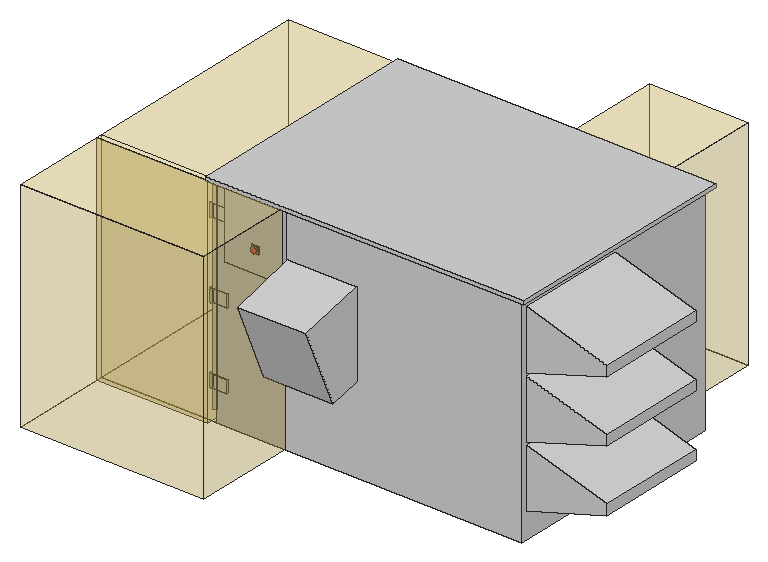
Revit family "Ventilator-RenewAire-Energy-Recovery-HE8XRTR", category Mechanical Equipment, Revit 2015
Parameters (values of type "7.5 HP 575V Three Phase")
  Voltage = "575"
  Ventilation Type = "Static Plate, Heat and Humidity Transfer"
  Unit Width = "140-1/2\""
  Unit Weight = "2,232 - 2,914 lbs."
  Unit Length = "106-1/2\""
  Unit Height = "81-3/4\""
  Unit = Metal - RenewAire - Anodized - Gray Text
  URL = "www.renewaire.com"
  Typical Airflow Range = "2,000-7,950 CFM"
  Standard Features = "TEFC Premium efficiency motors, Motor starters, Non-fused disconnect, 24 VAC transformer/relay package"
  Shipping Weight = "3,254 lbs."
  Service Area Visibility = yes
  Service Area Box = Interference - RenewAire - Smooth - Light - Gold
  Revit Object Download Link = ""
  Phase = "Three"
  Options = "Integrated programmable controls, Fused disconnect, Double wall construction, Factory supplied and mounted variable frequency drives (VFDs) - one or both airstreams, Class 1 low-leakage motorized isolation dampers - OA, EA or both airstreams, Qty. 2 Factory mounted filter alarms, Exterior Paint - white, custom colors"
  Number Motors = "Qty. 2, Belt drive blower/ standard motor packages with adjustable sheaves"
  Model = "HE8XRTR"
  Minimum Circuit Amps = "17.1 A"
  Maximum Overcurrent Protection = "20 A"
  Max. Shipping Width = "90\""
  Max. Shipping Length = "116\""
  Max. Shipping Height = "90\""
  Manufacturer = "RenewAire LLC"
  Frequency = "60 HZ"
  FLA per Motor = "7.6"
  Description = "Energy Recovery Ventilator"
  Connector Base Material = Glass - With - Transparency
  Accessories = "Filters - MERV 13, 2\" (shipped loose), Roof curb - standard 14\", Curb wind clip, Engineered combo curb for Carrier RTU, Engineered combo curb for Trane RTU, Digital time clock - wall mount(TC7D-W), in exterior enclosure (TC7D-E), Motion occupancy control - ceiling mount(MC-C), wall mount(MC-W), Carbon Dioxide control - wall mount (CO2-W), duct mount(CO2-D), Electric duct heater – EK series (1-60 kW), EH series (61-175 kW); designed for indoor ductwork installation only, Indirect gas-fired duct furnace - GH series (50-400 MBH), installed downstream of any fans"
  AHRI 1060 Certified Core = "Eight L125-G5"
Types (10): name | Voltage | Minimum Circuit Amps | Maximum Overcurrent Protection | FLA per Motor
  (no name) | "575" | "17.1 A" | "20 A" | "7.6"
  5.0 HP 208-230V Three Phase | "208-230" | "32.6 A" | "45 A" | "14.5-13.4"
  5.0 HP 460V Three Phase | "460" | "15.1 A" | "20 A" | "6.7"
  5.0 HP 575V Three Phase | "575" | "11.9 A" | "15 A" | "5.3"
  7.5 HP 208-230V Three Phase | "208-230" | "47.3 A" | "60 A" | "21.0-19.0"
  7.5 HP 460V Three Phase | "460" | "21.4 A" | "25 A" | "9.5"
  7.5 HP 575V Three Phase | "575" | "17.1 A" | "20 A" | "7.6"
  10.0 HP 208-230V Three Phase | "208-230" | "60.8" | "80" | "27.0-25.0"
  10.0 HP 460V Three Phase | "460" | "28.1" | "35" | "12.5"
  10.0 HP 575V Three Phase | "575" | "22.0" | "30" | "9.76"
Reference planes (in)
  plane 1 "Center (Front/Back)": y = 0
  plane 2: z = 0
  plane 3 "Center (Left/Right)": x = 0
  plane 4: y = 41.875
  plane 5: y = -41.875
  plane 6: x = 56.3125
  plane 7: x = -57.1875
  plane 8: z = 82
  plane 9: x = -4.5625
  plane 10: x = -28.8125
Forms (in)
  Extrusion 1, solid, material "Metal - RenewAire - Anodized - Gray Text" <- "Unit"
    sketch origin (0, 0, 0) x (1, 0, 0) y (0, 1, 0)
      loop
        line (-54, 40.5) -> (-54, -40.5) -> (54, -40.5) -> (54, 40.5) -> (-54, 40.5)
    from 0 to 77
  Extrusion 2, solid, material "Metal - RenewAire - Anodized - Gray Text"
    sketch origin (0, 0, 0) x (1, 0, 0) y (0, 1, 0)
      loop
        line (-56.3125, 42.5) -> (-56.3125, -42.5) -> (56.3125, -42.5) -> (56.3125, 42.5) -> (-56.3125, 42.5)
    from 77 to 78.25
  Extrusion 3, solid, material "Metal - RenewAire - Anodized - Gray Text"
    sketch origin (0, 0, 0) x (1, 0, 0) y (0, 1, 0)
      loop
        line (-54, -40.5) -> (-54, -1.25) -> (-55.5625, -1.25) -> (-55.5625, -40.5) -> (-54, -40.5)
    from 4 to 76
  Extrusion 4, solid, material "Metal - RenewAire - Anodized - Gray Text"
    sketch origin (0, 41.75, 0) x (1, 0, 0) y (0, 1, 0)
      loop
        line (-54, -40.5) -> (-54, -1.25) -> (-55.5625, -1.25) -> (-55.5625, -40.5) -> (-54, -40.5)
    from 4 to 76
  Extrusion 5, solid, material "Metal - RenewAire - Anodized - Gray Text"
    sketch origin (0, 0, 0) x (1, 0, 0) y (0, 0, 1)
      loop
        line (-55.5625, 15.181) -> (-55.5625, 10.75) -> (-50.25, 10.75) -> (-50.25, 15.181) -> (-55.5625, 15.181)
      loop
        line (-55.5625, 42.222) -> (-55.5625, 37.778) -> (-50.25, 37.778) -> (-50.25, 42.222) -> (-55.5625, 42.222)
      loop
        line (-55.5625, 69.25) -> (-55.5625, 64.819) -> (-50.25, 64.819) -> (-50.25, 69.25) -> (-55.5625, 69.25)
    from 40.5 to 40.625
  Extrusion 6, solid, material "Metal - RenewAire - Anodized - Gray Text"
    sketch origin (0, 0, 0) x (1, 0, 0) y (0, 0, 1)
      loop
        line (-55.5625, 15.181) -> (-55.5625, 10.75) -> (-50.25, 10.75) -> (-50.25, 15.181) -> (-55.5625, 15.181)
      loop
        line (-55.5625, 42.222) -> (-55.5625, 37.778) -> (-50.25, 37.778) -> (-50.25, 42.222) -> (-55.5625, 42.222)
      loop
        line (-55.5625, 69.25) -> (-55.5625, 64.819) -> (-50.25, 64.819) -> (-50.25, 69.25) -> (-55.5625, 69.25)
    from -40.625 to -40.5
  Extrusion 7, solid, material "Metal - RenewAire - Anodized - Gray Text"
    sketch origin (0, 0, 0) x (1, 0, 0) y (0, 1, 0)
      loop
        circle (-55.9375, -40.5) r 0.375
    from 10.75 to 15.181
  Extrusion 8, solid, material "Metal - RenewAire - Anodized - Gray Text"
    sketch origin (0, 0, 0) x (1, 0, 0) y (0, 1, 0)
      loop
        circle (-55.9375, -40.5) r 0.375
    from 37.778 to 42.222
  Extrusion 9, solid, material "Metal - RenewAire - Anodized - Gray Text"
    sketch origin (0, 0, 0) x (1, 0, 0) y (0, 1, 0)
      loop
        circle (-55.9375, -40.5) r 0.375
    from 64.819 to 69.25
  Extrusion 10, solid, material "Metal - RenewAire - Anodized - Gray Text"
    sketch origin (0, 81, 0) x (1, 0, 0) y (0, 1, 0)
      loop
        circle (-55.9375, -40.5) r 0.375
    from 10.75 to 15.181
  Extrusion 11, solid, material "Metal - RenewAire - Anodized - Gray Text"
    sketch origin (0, 81, 0) x (1, 0, 0) y (0, 1, 0)
      loop
        circle (-55.9375, -40.5) r 0.375
    from 37.778 to 42.222
  Extrusion 12, solid, material "Metal - RenewAire - Anodized - Gray Text"
    sketch origin (0, 81, 0) x (1, 0, 0) y (0, 1, 0)
      loop
        circle (-55.9375, -40.5) r 0.375
    from 64.819 to 69.25
  Extrusion 13, void
    sketch origin (0, 0, 0) x (1, 0, 0) y (0, 0, 1)
      loop
        line (-9.9375, 32) -> (-25.8125, 32) -> (-25.8125, 10.25) -> (-9.9375, 10.25) -> (-9.9375, 32)
    from -40.625 to -37.83362
  Extrusion 14, solid, material "Metal - RenewAire - Anodized - Gray Text"
    sketch origin (0, 0, 0) x (1, 0, 0) y (0, 0, 1)
      loop
        line (-50.25, 77) -> (-50.25, 53) -> (-29.75, 53) -> (-29.75, 77) -> (-50.25, 77)
    from 40.5 to 41.75
  Extrusion 15, solid, material "Metal - RenewAire - Anodized - Gray Text"
    sketch origin (0, 0, 0) x (1, 0, 0) y (0, 0, 1)
      loop
        line (-40.6, 62.1) -> (-40.6, 59.6) -> (-38.1, 59.6) -> (-38.1, 62.1) -> (-40.6, 62.1)
    from 41.75 to 41.875
  Extrusion 16, solid, material "Plastic Red"
    sketch origin (0, 0, 0) x (1, 0, 0) y (0, 0, 1)
      loop
        circle (-39.35, 60.85) r 1
    from 41.75 to 42.5
  Extrusion 17, solid, material "Metal - RenewAire - Anodized - Gray Text"
    sketch origin (0, 0, 0) x (0, 1, 0) y (0, 0, 1)
      loop
        circle (-3.25, 67.0345) r 0.25
    from -56.3125 to -55.5625
  Extrusion 18, solid, material "Metal - RenewAire - Anodized - Gray Text"
    sketch origin (0, 0, 0) x (1, 0, 0) y (0, 0, 1)
      loop
        line (-56.3125, 67.2845) -> (-57.1875, 67.2845) -> (-57.1875, 66.7845) -> (-56.3125, 66.7845) -> (-56.3125, 67.2845)
    from 2.95437 to 6.64353
  Extrusion 19, solid, material "Metal - RenewAire - Anodized - Gray Text"
    sketch origin (0, 0, -54.0845) x (0, 1, 0) y (0, 0, 1)
      loop
        circle (-3.25, 67.0345) r 0.25
    from -56.3125 to -55.5625
  Extrusion 20, solid, material "Metal - RenewAire - Anodized - Gray Text"
    sketch origin (0, 0, -54.0845) x (1, 0, 0) y (0, 0, 1)
      loop
        line (-56.3125, 67.2845) -> (-57.1875, 67.2845) -> (-57.1875, 66.7845) -> (-56.3125, 66.7845) -> (-56.3125, 67.2845)
    from 2.95437 to 6.64353
  Extrusion 21, solid, material "Metal - RenewAire - Anodized - Gray Text"
    sketch origin (0, -0.02735, 79.9845) x (0, -1, 0) y (0, 0, -1)
      loop
        circle (-3.25, 67.0345) r 0.25
    from -56.3125 to -55.5625
  Extrusion 22, solid, material "Metal - RenewAire - Anodized - Gray Text"
    sketch origin (0, -0.02735, 79.9845) x (1, 0, 0) y (0, 0, -1)
      loop
        line (-56.3125, 67.2845) -> (-57.1875, 67.2845) -> (-57.1875, 66.7845) -> (-56.3125, 66.7845) -> (-56.3125, 67.2845)
    from 2.95437 to 7.02735
  Extrusion 23, solid, material "Metal - RenewAire - Anodized - Gray Text"
    sketch origin (0, -0.02735, 134.069) x (0, -1, 0) y (0, 0, -1)
      loop
        circle (-3.25, 67.0345) r 0.25
    from -56.3125 to -55.5625
  Extrusion 24, solid, material "Metal - RenewAire - Anodized - Gray Text"
    sketch origin (0, -0.02735, 134.069) x (1, 0, 0) y (0, 0, -1)
      loop
        line (-56.3125, 67.2845) -> (-57.1875, 67.2845) -> (-57.1875, 66.7845) -> (-56.3125, 66.7845) -> (-56.3125, 67.2845)
    from 2.95437 to 7.02735
  Extrusion 25, solid, material "Metal - RenewAire - Anodized - Gray Text"
    sketch origin (0, 0, 0) x (1, 0, 0) y (0, 1, 0)
      loop
        line (40.5, 40.5) -> (40.5, 41.875) -> (5.75, 41.875) -> (5.75, 40.5) -> (40.5, 40.5)
    from 4 to 76
  Extrusion 26, solid, material "Metal - RenewAire - Anodized - Gray Text"
    sketch origin (46.25, -13.6875, 0) x (0, -1, 0) y (0, 0, 1)
      loop
        line (-55.5625, 15.181) -> (-55.5625, 10.75) -> (-54.1875, 10.75) -> (-54.1875, 15.181) -> (-55.5625, 15.181)
      loop
        line (-55.5625, 42.222) -> (-55.5625, 37.778) -> (-54.1875, 37.778) -> (-54.1875, 42.222) -> (-55.5625, 42.222)
      loop
        line (-55.5625, 69.25) -> (-55.5625, 64.819) -> (-54.1875, 64.819) -> (-54.1875, 69.25) -> (-55.5625, 69.25)
    from 40.5 to 40.625
  Extrusion 27, solid, material "Metal - RenewAire - Anodized - Gray Text"
    sketch origin (46.25, -13.6875, 0) x (0, -1, 0) y (1, 0, 0)
      loop
        circle (-55.9375, -40.5) r 0.375
    from 10.75 to 15.181
  Extrusion 28, solid, material "Metal - RenewAire - Anodized - Gray Text"
    sketch origin (46.25, -13.6875, 0) x (0, -1, 0) y (1, 0, 0)
      loop
        circle (-55.9375, -40.5) r 0.375
    from 37.778 to 42.222
  Extrusion 29, solid, material "Metal - RenewAire - Anodized - Gray Text"
    sketch origin (46.25, -13.6875, 0) x (0, -1, 0) y (1, 0, 0)
      loop
        circle (-55.9375, -40.5) r 0.375
    from 64.819 to 69.25
  Extrusion 30, solid, material "Metal - RenewAire - Anodized - Gray Text"
    sketch origin (0, 0, 0.09434) x (1, 0, 0) y (0, 0, 1)
      loop
        circle (38.5, 67.0345) r 0.5
      loop
        circle (38.5, 12.9655) r 0.5
    from -42.63934 to -41.875
  Extrusion 31, solid, material "Metal - RenewAire - Anodized - Gray Text"
    sketch origin (0, 0, 0) x (1, 0, 0) y (0, 1, 0)
      loop
        line (39, 42.63934) -> (39, 43.13934) -> (35, 43.13934) -> (35, 42.63934) -> (39, 42.63934)
    from 12.54402 to 13.57826
  Extrusion 32, solid, material "Metal - RenewAire - Anodized - Gray Text"
    sketch origin (0, 0, 0) x (1, 0, 0) y (0, 1, 0)
      loop
        line (39, 42.63934) -> (39, 43.13934) -> (35, 43.13934) -> (35, 42.63934) -> (39, 42.63934)
    from 66.62861 to 67.65618
  Extrusion 33, solid, material "Metal - RenewAire - Anodized - Gray Text"
    sketch origin (0, 0, 0) x (1, 0, 0) y (0, 1, 0)
      loop
        line (39, 42.42236) -> (36.93236, 42.42236) -> (35.90842, 43.13934) -> (35.90842, 42.63934) -> (37, 41.875) -> (39, 41.875) -> (39, 42.42236)
    from 39.5 to 40.5
  Extrusion 34, solid, material "Metal - RenewAire - Anodized - Gray Text"
    sketch origin (0, 0, 0) x (1, 0, 0) y (0, 1, 0)
      loop
        circle (35.90842, 42.88934) r 0.25
    from 37.778 to 42.222
  Extrusion 35, solid, material "Interference - RenewAire - Smooth - Light - Gold" <- "Service Area Box", visible <- "Service Area Visibility"
    sketch origin (0, 0, 0) x (1, 0, 0) y (0, 1, 0)
      loop
        line (5.625, 41.875) -> (40.5, 41.875) -> (40.5, 76.625) -> (5.625, 76.625) -> (5.625, 41.875)
    from 0 to 77
  Extrusion 36, solid, material "Interference - RenewAire - Smooth - Light - Gold", visible <- "Service Area Visibility"
    sketch origin (0, 0, 0) x (1, 0, 0) y (0, 1, 0)
      loop
        line (-55.5625, 42.5) -> (-94.8125, 42.5) -> (-94.8125, -42.5) -> (-55.5625, -42.5) -> (-55.5625, 42.5)
    from 0 to 77
  Extrusion 37, solid, material "Interference - RenewAire - Smooth - Light - Gold", visible <- "Service Area Visibility"
    sketch origin (0, 0, 0) x (1, 0, 0) y (0, 1, 0)
      loop
        line (-29.75, -40.5) -> (-94.8125, -40.5) -> (-94.8125, -76.5) -> (-29.75, -76.5) -> (-29.75, -40.5)
    from 0 to 77
  Extrusion 38, solid, material "Metal - RenewAire - Anodized - Gray Text"
    sketch origin (0, 0, 0) x (1, 0, 0) y (0, 0, 1)
      loop
        line (54, 9.25) -> (82.75, 18) -> (82.75, 21.5) -> (54, 30.25) -> (54, 9.25)
    from -0.75 to 38.875
  Extrusion 39, solid, material "Metal - RenewAire - Anodized - Gray Text"
    sketch origin (0, 0, 22) x (1, 0, 0) y (0, 0, 1)
      loop
        line (54, 9.25) -> (82.75, 18) -> (82.75, 21.5) -> (54, 30.25) -> (54, 9.25)
    from -0.75 to 38.875
  Extrusion 40, solid, material "Metal - RenewAire - Anodized - Gray Text"
    sketch origin (0, 0, 44) x (1, 0, 0) y (0, 0, 1)
      loop
        line (54, 9.25) -> (82.75, 18) -> (82.75, 21.5) -> (54, 30.25) -> (54, 9.25)
    from -0.75 to 38.875
  Extrusion 41, solid, material "Metal - RenewAire - Anodized - Gray Text"
    sketch origin (0, 0, 0) x (0, 1, 0) y (0, 0, 1)
      loop
        line (-40.5, 30.5) -> (-40.5, 60.625) -> (-62.87454, 55.29773) -> (-51, 28) -> (-40.5, 30.5)
    from -28.8125 to -4.5625
  Extrusion 42, void
    sketch origin (0, 0, 0) x (1, 0, 0) y (0, 1, 0)
      loop
        line (-53.5, 40) -> (-53.5, -40) -> (53.5, -40) -> (53.5, 40) -> (-53.5, 40)
    from -3.19513 to 4.625
  Extrusion 43, void
    sketch origin (0, 0, 0) x (1, 0, 0) y (0, 1, 0)
      loop
        line (24.4375, 34.375) -> (24.4375, 0.375) -> (48.4375, 0.375) -> (48.4375, 34.375) -> (24.4375, 34.375)
    from -3.19513 to 4.75
Cuts and joins
  Extrusion 13, Extrusion 42, Extrusion 43 cuts Extrusion 1
Dimensions and locks (in)
  aligned and locked: level to plane 2
Nested families (in)
  nested 1: "Monitoring Port" at (28.5, 42.75, 60.778), type "Monitoring Port"
  nested 2: "Monitoring Port" at (17.75, 42.75, 60.778), type "Monitoring Port"
  nested 3: "Monitoring Port" at (28.5, 42.75, 48.778), type "Monitoring Port"
  nested 4: "Monitoring Port" at (17.75, 42.75, 48.778), type "Monitoring Port"
Connectors (in)
  hvac at (-17.875, 37.83362, 21.125)
    settings: on cut or joined group of Extrusion 1, Extrusion 13, Extrusion 42, Extrusion 43, index 4, duct flow 0 CFM, flow factor 0, pres drop 0.00 in-wg, loss coef 0, conn angle 0.00°, conn width 15 7/8", conn height 21 3/4", conn diameter 24", duct sys type 1, conn prof type 1, flow config 0, flow direction 2, loss method 0, conn ref index -1, conn util no, is conn primary yes, conn desc "FA (Fresh Air)"
  hvac at (36.4375, 17.375, 4.625)
    settings: on cut or joined group of Extrusion 1, Extrusion 13, Extrusion 42, Extrusion 43, index 5, duct flow 0 CFM, flow factor 0, pres drop 0.00 in-wg, loss coef 0, conn angle 0.00°, conn width 34", conn height 24", conn diameter 24", duct sys type 2, conn prof type 1, flow config 0, flow direction 1, loss method 0, conn ref index -1, conn util no, is conn primary no, conn desc "RA (Return Air)"
Definition of nested family "Monitoring Port"
  Parameters (values of type "Monitoring Port")
    URL = "www.renewaire.com"
    Revit Object Download Link = ""
    Model = ""
    Manufacturer = "RenewAire LLC"
    Description = "Monitoring Ports"
  Reference planes (in)
    plane 1 "Center (Front/Back)": y = 0
    plane 2: z = 0
    plane 3 "Center (Left/Right)": x = 0
  Forms (in)
    Extrusion 1, solid
      sketch origin (-9.43348, 0, 37.76669) x (-1, 0, 0) y (0, 0, -1)
        loop
          line (-9.53348, 35.65895) -> (-9.94097, 35.42369) -> (-9.94097, 34.83769) -> (-9.43348, 34.54469) -> (-8.92599, 34.83769) -> (-8.92599, 35.42369) -> (-9.33348, 35.65895) -> (-9.33348, 37.28756)
          arc (-9.33348, 37.28756) -> (-9.43348, 37.76669) -> (-9.53348, 37.28756) r 0.25
          line (-9.53348, 37.28756) -> (-9.53348, 35.65895)
      from 0 to 0.25
  Dimensions and locks (in)
    aligned and locked: level to plane 2
